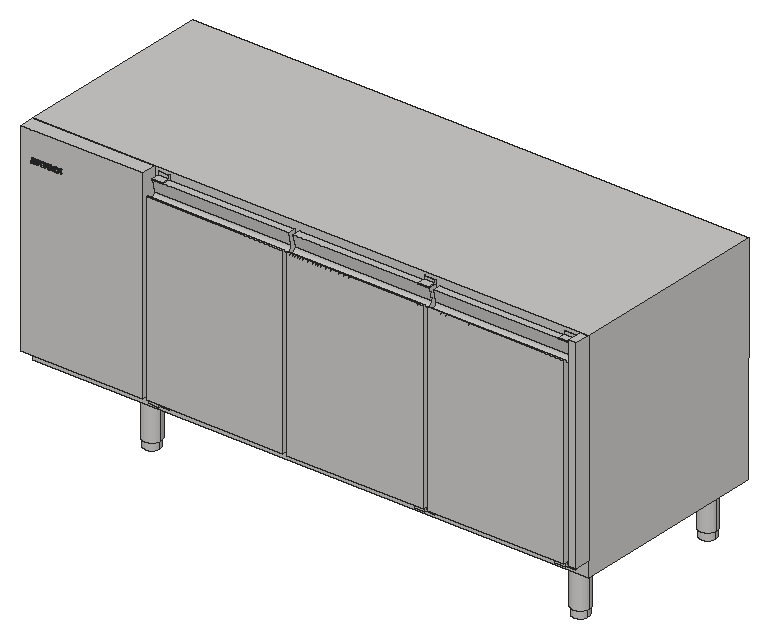
Revit family "QF_ALPENINOX_712199_AK3F7AAA", category Specialty Equipment, Revit 2018
Family settings
  Round Connector Dimension = Use Diameter
  Part Type = Normal
  Work Plane-Based = No
  Always vertical = Yes
  Cut with Voids When Loaded = No
  Shared = No
  Room Calculation Point = No
Parameters
  Weight = 0.00 kg
  Watts = 45.5225 W
  Volts = 220 V
  URL Manufacturer = "http://www.alpeninox.com"
  URL = "http://www.alpeninox.com"
  Steam Supply Size = 0 mm
  Steam Supply Minimum Pressure = 0.0 Pa
  Steam Supply Maximum Pressure = 0.0 Pa
  Steam Pounds per Hour = 0
  Refrigeration Suction Line Size = 0 mm
  Refrigeration Liquid Line Size = 0 mm
  Refrigerant Compressor Remote = yes
  Manufacturer = "Alpeninox"
  Phase = 1
  Model = "AK3F7AAA"
  Length Actual = 1795 mm  # constant formula
  Length = 1795 mm
  Item Number = "712199"
  Hot Water Size = 0 mm
  Height Actual = 850 mm  # constant formula
  Height = 700 mm
  HP = "0.7 HP"
  Gas Size = 0 mm
  Gas KW = 0
  Gas Input Pressure = 0 W
  Depth Actual = 700 mm  # constant formula
  Depth = 695 mm
  Description = "3 DOOR FREEZER TABLE -20C NO TOP"
  Cycle = 50 Hz
  Condensate Return Size = 0 mm
  Compressed Air Volume = 0.0 L/s
  Compressed Air Size = 0 mm
  Compressed Air Pressure = 0.0 Pa
  Cold Water Size = 0 mm
  Accessory = yes
Reference planes
  plane 1: z = 0
  plane 2 "Center (Left/Right)": x = -126.5
  plane 3 "Center (Front/Back)": y = 64.5
  plane 4 "FEET": z = 150
  plane 5 "TOP": z = 900
  plane 6 "PLAIN": z = 850
  plane 7 "EI_back": y = 359
  plane 8 "EI_left": x = -958
  plane 9 "BACK": y = 412
  plane 10 "FRONT": y = -283
  plane 11 "DOOR": y = -233
  plane 12 "LEFT": x = -1024
  plane 13 "RIGHT": x = 771
  plane 14: x = -999
  plane 15: x = 746
Forms (mm)
  Extrusion 1, solid, material "QF_Finishes_Stainless Steel"
    sketch origin (-1022.223, -1524, 150) x (-1, 0, 0) y (0, -1, 0)
      loop
        circle (-64.223, -1883) r 5
    from 0 to -40
  Extrusion 2, solid, material "QF_Finishes_Stainless Steel"
    sketch origin (-1022.223, -1524, 150) x (-1, 0, 0) y (0, -1, 0)
      loop
        line (-1768.223, -1291) -> (-1768.223, -1241) -> (-1793.223, -1241) -> (-1793.223, -1291) -> (-1768.223, -1291)
    from 48 to 700 <- "Height"
  Extrusion 3, solid, material "QF_Finishes_Stainless Steel"
    sketch origin (-1022.223, -1524, 150) x (-1, 0, 0) y (0, -1, 0)
      loop
        line (1.777, -1936) -> (1.777, -1291) -> (-1793.223, -1291) -> (-1793.223, -1936) -> (1.777, -1936)
    from 0 to 700 <- "Height"
Lines and regions (mm)
  symbolic lines, style "SpecialityEquipmentHiddenLines"
    curve 1: line (-1024, 412, 150) -> (771, 412, 150)
    curve 2: line (-1024, -283, 150) -> (-1024, 412, 150)
    curve 3: line (771, -283, 150) -> (-1024, -283, 150)
    curve 4: line (771, 412, 150) -> (771, -283, 150)
    curve 5: line (-1024, -233, 150) -> (771, -233, 150)
    curve 6: line (746, -283, 150) -> (746, -233, 150)
Dimensions and locks
  plane 4 "FEET" to level = 150 mm
  plane 11 "DOOR" to plane 10 "FRONT" = 50 mm
  "Height": plane 6 "PLAIN" to plane 4 "FEET"
  plane 5 "TOP" to plane 6 "PLAIN" = 50 mm
  plane 12 "LEFT" to plane 14 = 25 mm
  plane 15 to plane 13 "RIGHT" = 25 mm
  plane 9 "BACK" to plane 7 "EI_back" = 53 mm
  plane 12 "LEFT" to plane 8 "EI_left" = 66 mm
  "Length": plane 12 "LEFT" to plane 13 "RIGHT"
  equal spacing: plane 12 "LEFT", plane 2 "Center (Left/Right)", plane 13 "RIGHT"
  "Depth": plane 9 "BACK" to plane 10 "FRONT"
  equal spacing: plane 9 "BACK", plane 3 "Center (Front/Back)", plane 10 "FRONT"
  aligned and locked: level to plane 1
Automatic sketch dimensions
  Extrusion 1 sketch curve to plane 7 "EI_back" = 0 mm
  Extrusion 1 sketch curve to plane 8 "EI_left" = 0 mm
  Extrusion 2 sketch curve to plane 11 "DOOR" = 0 mm
  Extrusion 2 sketch curve to plane 13 "RIGHT" = 0 mm
  Extrusion 2 sketch curve to plane 10 "FRONT" = 0 mm
  Extrusion 2 sketch curve to plane 15 = 0 mm
  Extrusion 3 sketch curve to plane 9 "BACK" = 0 mm
  Extrusion 3 sketch curve to plane 13 "RIGHT" = 0 mm
  Extrusion 3 sketch curve to plane 11 "DOOR" = 0 mm
  Extrusion 3 sketch curve to plane 12 "LEFT" = 0 mm
  curve 1 to plane 13 "RIGHT" = 0 mm
  curve 6 to plane 10 "FRONT" = 0 mm
  curve 6 to plane 15 = 0 mm
  curve 5 to plane 12 "LEFT" = 0 mm
  curve 6 to plane 11 "DOOR" = 0 mm
  curve 1 to plane 9 "BACK" = 0 mm
  radius of Extrusion 1 sketch curve = 5 mm
Nested families
  nested 1: "Freezer" at (771, -283, 0), type "Freezer"
  nested 2: "FEET" at (-679, 331, 0), type "FEET"
  nested 3: "FEET" at (705, 331, 0), type "FEET"
  nested 4: "FEET" at (-679, -183, 0), type "FEET"
  nested 5: "FEET" at (705, -183, 0), type "FEET"
  nested 6: "APX_BI_BT_L" at (-817.08, -233, 598) x (1, 0, 0) z (0, -1, 0), type "APX_BI_BT_L"
    with Show Logo yes
  nested 7: "APX_SD_L" at (-396, -233, 512) x (1, 0, 0) z (0, -1, 0), type "APX_SD_L"
    with Show Clearance yes
  nested 8: "APX_SD_R" at (58, -233, 512) x (1, 0, 0) z (0, -1, 0), type "APX_SD_R"
    with Show Clearance yes
  nested 9: "APX_SD_R" at (512, -233, 512) x (1, 0, 0) z (0, -1, 0), type "APX_SD_R"
    with Show Clearance yes
Connectors
  electrical at (-958, 359, 110), driven by "Volts"
    settings: on Extrusion 1, index 1, voltage 220 V, apparent load 0 VA, apparent load phase1 0 VA, apparent load phase2 0 VA, apparent load phase3 0 VA, power factor 1, load classification "Other", number of poles 1, system type 31, power factor state 1, is connector primary yes, connector utility no, sub classification motor no, connector description "Electrical Connection"
Definition of nested family "FEET"
  Parameters
    FEET = 150 mm
  Reference planes
    plane 1 "Center (Front/Back)": y = 0
    plane 2: z = 0
    plane 3 "Center (Left/Right)": x = 0
    plane 4: z = 150
  Forms (mm)
    Revolve 1, solid
      sketch origin (255.05, 0, 608.09) x (0, 0, 1) y (-1, 0, 0)
        loop
          line (-608.09, 255.05) -> (-608.09, 230.05) -> (-583.09, 230.05) -> (-583.09, 226.05) -> (-458.09, 226.05) -> (-458.09, 255.05) -> (-608.09, 255.05)
        axis (-608.09, 255.05) -> (-458.09, 255.05)
      angle from 0 to 360
  Dimensions and locks
    locked: Revolve 1 sketch curve to Revolve 1 sketch curve at 125
    "FEET": plane 4 to plane 2
    aligned and locked: level to plane 2
    aligned and locked: plane 4 to Revolve 1 sketch curve
    aligned and locked: Revolve 1 sketch curve to level
    aligned and locked: plane 3 "Center (Left/Right)" to Revolve 1 sketch curve
  Automatic sketch dimensions
    Revolve 1 sketch curve to plane 3 "Center (Left/Right)" = 0 mm
    Revolve 1 sketch curve to Revolve 1 sketch curve = 25 mm
    Revolve 1 sketch curve to Revolve 1 sketch curve = 29 mm
    plane 4 to Revolve 1 sketch curve = 50 mm
    Revolve 1 sketch curve to Revolve 1 sketch curve = 20 mm
Definition of nested family "APX_BI_BT_L"
  Parameters
    Show Logo [instance] = yes
    Default Elevation = 1219.2 mm
  Reference planes
    plane 1 "Center (Front/Back)": y = -74
    plane 2: z = 0
    plane 3 "Center (Left/Right)": x = -9.92
    plane 4: x = -206.92
    plane 5: x = 187.08
    plane 6: y = 252
    plane 7: y = -400
  Forms (mm)
    Extrusion 1, solid
      sketch origin (0, 0, 0) x (1, 0, 0) y (0, 1, 0)
        loop
          line (-1219.2, 1219.2) -> (-1219.2, -1219.2) -> (1219.2, -1219.2) -> (1219.2, 1219.2) -> (-1219.2, 1219.2)
      from 0 to -304.8
    Extrusion 2, solid
      sketch origin (0, 0, 0) x (1, 0, 0) y (0, 1, 0)
        loop
          line (-206.92, 252) -> (-206.92, -400) -> (187.08, -400) -> (187.08, 252) -> (-206.92, 252)
      from 0 to 50
    Extrusion 3, solid, not visible
      sketch origin (0, 0, 0) x (1, 0, 0) y (0, 1, 0)
        loop
          line (-206.92, 252) -> (-206.92, -400) -> (87.08, -400) -> (87.08, 252) -> (-206.92, 252)
      from 0 to 50
    Extrusion 4, solid
      sketch origin (0, -0.336, 0) x (1, 0, 0) y (0, 1, 0)
        loop
          line (-168.675, 170.349) -> (-172.411, 160.318)
          arc (-172.411, 160.318) -> (-171.624, 158.497) -> (-169.837, 159.36) r 1.374
          line (-169.837, 159.36) -> (-169.268, 161.111) -> (-164.1, 161.111) -> (-163.54, 159.379)
          arc (-163.54, 159.379) -> (-161.802, 158.542) -> (-161.049, 160.318) r 1.333
          line (-161.049, 160.318) -> (-164.694, 170.349)
          arc (-164.694, 170.349) -> (-166.685, 171.876) -> (-168.675, 170.349) r 2.06
        loop
          line (-166.681, 169.055) -> (-168.469, 163.655) -> (-164.935, 163.655) -> (-166.681, 169.055)
        loop
          arc (-159.705, 160.042) -> (-159.262, 158.973) -> (-158.194, 158.531) r 1.512
          line (-158.194, 158.531) -> (-153.608, 158.531)
          arc (-153.608, 158.531) -> (-152.337, 159.802) -> (-153.608, 161.074) r 1.272
          line (-153.608, 161.074) -> (-156.917, 161.074) -> (-156.917, 170.328)
          arc (-156.917, 170.328) -> (-158.311, 171.722) -> (-159.705, 170.328) r 1.394
          line (-159.705, 170.328) -> (-159.705, 160.042)
        loop
          line (-151.076, 170.218) -> (-151.076, 159.859)
          arc (-151.076, 159.859) -> (-149.683, 158.466) -> (-148.29, 159.859) r 1.393
          line (-148.29, 159.859) -> (-148.29, 162.882) -> (-146.225, 162.882)
          arc (-146.225, 162.882) -> (-142.999, 163.859) -> (-141.608, 166.928) r 4.082
          arc (-141.608, 166.928) -> (-142.993, 170.272) -> (-146.336, 171.657) r 4.728
          line (-146.336, 171.657) -> (-149.638, 171.657)
          arc (-149.638, 171.657) -> (-150.655, 171.235) -> (-151.076, 170.218) r 1.439
        loop
          line (-148.29, 165.313) -> (-146.388, 165.313)
          arc (-146.388, 165.313) -> (-144.433, 167.268) -> (-146.388, 169.222) r 1.955
          line (-146.388, 169.222) -> (-148.29, 169.222) -> (-148.29, 165.313)
        loop
          arc (-131.184, 166.332) -> (-132.004, 168.2) -> (-133.767, 169.228) r 3.3
          arc (-133.767, 169.228) -> (-136.353, 168.661) -> (-137.611, 166.332) r 3.176
          line (-137.611, 166.332) -> (-131.184, 166.332)
        loop
          line (-137.538, 163.743) -> (-130.544, 163.743)
          arc (-130.544, 163.743) -> (-129.292, 163.916) -> (-128.301, 164.701) r 2.4
          arc (-128.301, 164.701) -> (-128.155, 165.545) -> (-128.212, 166.399) r 3.635
          arc (-128.212, 166.399) -> (-130.364, 170.162) -> (-134.39, 171.769) r 6.579
          arc (-134.39, 171.769) -> (-138.918, 169.706) -> (-140.661, 165.044) r 6.501
          arc (-140.661, 165.044) -> (-139.276, 160.789) -> (-135.401, 158.549) r 6.252
          arc (-135.401, 158.549) -> (-132.922, 158.526) -> (-130.544, 159.232) r 8.361
          arc (-130.544, 159.232) -> (-129.466, 159.781) -> (-128.641, 160.666) r 3.486
          arc (-128.641, 160.666) -> (-128.419, 161.592) -> (-128.828, 162.451) r 1.425
          arc (-128.828, 162.451) -> (-129.368, 162.762) -> (-129.99, 162.762) r 1.203
          arc (-129.99, 162.762) -> (-130.406, 162.59) -> (-130.764, 162.316) r 1.724
          arc (-130.764, 162.316) -> (-131.666, 161.705) -> (-132.646, 161.229) r 7.6
          arc (-132.646, 161.229) -> (-135.676, 161.35) -> (-137.538, 163.743) r 3.6
        loop
          line (-126.669, 170.328) -> (-126.669, 159.859)
          arc (-126.669, 159.859) -> (-125.273, 158.463) -> (-123.878, 159.859) r 1.396
          line (-123.878, 159.859) -> (-123.878, 166.785) -> (-117.946, 159.029)
          arc (-117.946, 159.029) -> (-116.361, 158.51) -> (-115.379, 159.859) r 1.417
          line (-115.379, 159.859) -> (-115.379, 170.328)
          arc (-115.379, 170.328) -> (-116.774, 171.723) -> (-118.169, 170.328) r 1.395
          line (-118.169, 170.328) -> (-118.169, 163.311) -> (-124.101, 171.157)
          arc (-124.101, 171.157) -> (-125.687, 171.678) -> (-126.669, 170.328) r 1.418
        loop
          arc (-113.636, 159.859) -> (-112.241, 158.464) -> (-110.847, 159.859) r 1.394
          line (-110.847, 159.859) -> (-110.847, 170.328)
          arc (-110.847, 170.328) -> (-112.241, 171.723) -> (-113.636, 170.328) r 1.394
          line (-113.636, 170.328) -> (-113.636, 159.859)
        loop
          line (-109.102, 170.328) -> (-109.102, 159.859)
          arc (-109.102, 159.859) -> (-107.706, 158.463) -> (-106.31, 159.859) r 1.396
          line (-106.31, 159.859) -> (-106.31, 166.785) -> (-100.378, 159.029)
          arc (-100.378, 159.029) -> (-98.793, 158.51) -> (-97.812, 159.859) r 1.417
          line (-97.812, 159.859) -> (-97.812, 170.328)
          arc (-97.812, 170.328) -> (-99.207, 171.723) -> (-100.602, 170.328) r 1.395
          line (-100.602, 170.328) -> (-100.602, 163.311) -> (-106.533, 171.157)
          arc (-106.533, 171.157) -> (-108.119, 171.678) -> (-109.102, 170.328) r 1.418
        loop
          arc (-96.345, 165.093) -> (-95.619, 161.877) -> (-93.467, 159.379) r 6.806
          arc (-93.467, 159.379) -> (-91.792, 158.566) -> (-89.948, 158.31) r 5.956
          arc (-89.948, 158.31) -> (-88.104, 158.566) -> (-86.43, 159.379) r 5.956
          arc (-86.43, 159.379) -> (-84.277, 161.877) -> (-83.551, 165.093) r 6.806
          arc (-83.551, 165.093) -> (-84.277, 168.31) -> (-86.43, 170.808) r 6.806
          arc (-86.43, 170.808) -> (-88.104, 171.621) -> (-89.948, 171.877) r 5.956
          arc (-89.948, 171.877) -> (-91.792, 171.621) -> (-93.467, 170.808) r 5.956
          arc (-93.467, 170.808) -> (-95.619, 168.31) -> (-96.345, 165.093) r 6.806
        loop
          arc (-93.425, 165.093) -> (-93.138, 163.212) -> (-92.081, 161.629) r 4.387
          arc (-92.081, 161.629) -> (-91.087, 161.049) -> (-89.948, 160.881) r 3.035
          arc (-89.948, 160.881) -> (-88.809, 161.049) -> (-87.815, 161.629) r 3.035
          arc (-87.815, 161.629) -> (-86.759, 163.212) -> (-86.472, 165.093) r 4.387
          arc (-86.472, 165.093) -> (-86.759, 166.975) -> (-87.815, 168.558) r 4.387
          arc (-87.815, 168.558) -> (-88.809, 169.138) -> (-89.948, 169.306) r 3.035
          arc (-89.948, 169.306) -> (-91.087, 169.138) -> (-92.081, 168.558) r 3.035
          arc (-92.081, 168.558) -> (-93.138, 166.975) -> (-93.425, 165.093) r 4.387
        loop
          line (-83.139, 169.609) -> (-80.126, 165.552) -> (-83.81, 160.652)
          arc (-83.81, 160.652) -> (-83.512, 158.692) -> (-81.559, 159.029) r 1.388
          line (-81.559, 159.029) -> (-78.51, 163.232) -> (-75.461, 159.029)
          arc (-75.461, 159.029) -> (-73.507, 158.692) -> (-73.21, 160.652) r 1.388
          line (-73.21, 160.652) -> (-76.894, 165.552) -> (-73.881, 169.609)
          arc (-73.881, 169.609) -> (-74.249, 171.597) -> (-76.205, 171.084) r 1.38
          line (-76.205, 171.084) -> (-78.51, 167.841) -> (-80.815, 171.084)
          arc (-80.815, 171.084) -> (-82.771, 171.597) -> (-83.139, 169.609) r 1.38
      from 50 to 51.6
  Lines and regions (mm)
    Split face 1
      outline origin (-138, 0, 50) x (1, 0, 0) y (0, 1, 0)
        loop
          line (94.58, 177) -> (94.58, 154) -> (164.58, 154) -> (164.58, 177) -> (94.58, 177)
    Split face 2
      outline origin (-138, 0, 50) x (1, 0, 0) y (0, 1, 0)
        loop
          line (144.58, 174) -> (144.58, 157) -> (161.58, 157) -> (161.58, 174) -> (144.58, 174)
    Split face 3
      outline origin (0, 0, 50) x (1, 0, 0) y (0, 1, 0)
        loop
          line (-206.92, 188) -> (187.08, 188)
    Split face 4
      outline origin (-5, 0, 50) x (1, 0, 0) y (0, 1, 0)
        loop
          arc (-163.464, 131.824) -> (-167.464, 127.824) -> (-163.464, 123.824) r 4
          line (-163.464, 123.824) -> (-121.464, 123.824)
          arc (-121.464, 123.824) -> (-117.464, 127.824) -> (-121.464, 131.824) r 4
          line (-121.464, 131.824) -> (-163.464, 131.824)
    Split face 5
      outline origin (325, 0, 50) x (1, 0, 0) y (0, 1, 0)
        loop
          arc (-328.464, 131.824) -> (-332.464, 127.824) -> (-328.464, 123.824) r 4
          line (-328.464, 123.824) -> (-286.464, 123.824)
          arc (-286.464, 123.824) -> (-282.464, 127.824) -> (-286.464, 131.824) r 4
          line (-286.464, 131.824) -> (-328.464, 131.824)
    Split face 6
      outline origin (105, 0, 50) x (1, 0, 0) y (0, 1, 0)
        loop
          arc (-218.464, 131.824) -> (-222.464, 127.824) -> (-218.464, 123.824) r 4
          line (-218.464, 123.824) -> (-176.464, 123.824)
          arc (-176.464, 123.824) -> (-172.464, 127.824) -> (-176.464, 131.824) r 4
          line (-176.464, 131.824) -> (-218.464, 131.824)
    Split face 7
      outline origin (215, 0, 50) x (1, 0, 0) y (0, 1, 0)
        loop
          arc (-273.464, 131.824) -> (-277.464, 127.824) -> (-273.464, 123.824) r 4
          line (-273.464, 123.824) -> (-231.464, 123.824)
          arc (-231.464, 123.824) -> (-227.464, 127.824) -> (-231.464, 131.824) r 4
          line (-231.464, 131.824) -> (-273.464, 131.824)
    Split face 8, not visible
      outline origin (0, 0, 50) x (1, 0, 0) y (0, 1, 0)
        loop
          arc (-163.464, 131.824) -> (-167.464, 127.824) -> (-163.464, 123.824) r 4
          line (-163.464, 123.824) -> (-121.464, 123.824)
          arc (-121.464, 123.824) -> (-117.464, 127.824) -> (-121.464, 131.824) r 4
          line (-121.464, 131.824) -> (-163.464, 131.824)
    Split face 9
      outline origin (-5, -24, 50) x (1, 0, 0) y (0, 1, 0)
        loop
          arc (-163.464, 143.824) -> (-167.464, 139.824) -> (-163.464, 135.824) r 4
          line (-163.464, 135.824) -> (-121.464, 135.824)
          arc (-121.464, 135.824) -> (-117.464, 139.824) -> (-121.464, 143.824) r 4
          line (-121.464, 143.824) -> (-163.464, 143.824)
    Split face 10
      outline origin (325, -24, 50) x (1, 0, 0) y (0, 1, 0)
        loop
          arc (-328.464, 143.824) -> (-332.464, 139.824) -> (-328.464, 135.824) r 4
          line (-328.464, 135.824) -> (-286.464, 135.824)
          arc (-286.464, 135.824) -> (-282.464, 139.824) -> (-286.464, 143.824) r 4
          line (-286.464, 143.824) -> (-328.464, 143.824)
    Split face 11
      outline origin (105, -24, 50) x (1, 0, 0) y (0, 1, 0)
        loop
          arc (-218.464, 143.824) -> (-222.464, 139.824) -> (-218.464, 135.824) r 4
          line (-218.464, 135.824) -> (-176.464, 135.824)
          arc (-176.464, 135.824) -> (-172.464, 139.824) -> (-176.464, 143.824) r 4
          line (-176.464, 143.824) -> (-218.464, 143.824)
    Split face 12
      outline origin (215, -24, 50) x (1, 0, 0) y (0, 1, 0)
        loop
          arc (-273.464, 143.824) -> (-277.464, 139.824) -> (-273.464, 135.824) r 4
          line (-273.464, 135.824) -> (-231.464, 135.824)
          arc (-231.464, 135.824) -> (-227.464, 139.824) -> (-231.464, 143.824) r 4
          line (-231.464, 143.824) -> (-273.464, 143.824)
    Split face 13
      outline origin (-5, -48, 50) x (1, 0, 0) y (0, 1, 0)
        loop
          arc (-163.464, 155.824) -> (-167.464, 151.824) -> (-163.464, 147.824) r 4
          line (-163.464, 147.824) -> (-121.464, 147.824)
          arc (-121.464, 147.824) -> (-117.464, 151.824) -> (-121.464, 155.824) r 4
          line (-121.464, 155.824) -> (-163.464, 155.824)
    Split face 14
      outline origin (325, -48, 50) x (1, 0, 0) y (0, 1, 0)
        loop
          arc (-328.464, 155.824) -> (-332.464, 151.824) -> (-328.464, 147.824) r 4
          line (-328.464, 147.824) -> (-286.464, 147.824)
          arc (-286.464, 147.824) -> (-282.464, 151.824) -> (-286.464, 155.824) r 4
          line (-286.464, 155.824) -> (-328.464, 155.824)
    Split face 15
      outline origin (105, -48, 50) x (1, 0, 0) y (0, 1, 0)
        loop
          arc (-218.464, 155.824) -> (-222.464, 151.824) -> (-218.464, 147.824) r 4
          line (-218.464, 147.824) -> (-176.464, 147.824)
          arc (-176.464, 147.824) -> (-172.464, 151.824) -> (-176.464, 155.824) r 4
          line (-176.464, 155.824) -> (-218.464, 155.824)
    Split face 16
      outline origin (215, -48, 50) x (1, 0, 0) y (0, 1, 0)
        loop
          arc (-273.464, 155.824) -> (-277.464, 151.824) -> (-273.464, 147.824) r 4
          line (-273.464, 147.824) -> (-231.464, 147.824)
          arc (-231.464, 147.824) -> (-227.464, 151.824) -> (-231.464, 155.824) r 4
          line (-231.464, 155.824) -> (-273.464, 155.824)
    Split face 17
      outline origin (-5, -72, 50) x (1, 0, 0) y (0, 1, 0)
        loop
          arc (-163.464, 167.824) -> (-167.464, 163.824) -> (-163.464, 159.824) r 4
          line (-163.464, 159.824) -> (-121.464, 159.824)
          arc (-121.464, 159.824) -> (-117.464, 163.824) -> (-121.464, 167.824) r 4
          line (-121.464, 167.824) -> (-163.464, 167.824)
    Split face 18
      outline origin (325, -72, 50) x (1, 0, 0) y (0, 1, 0)
        loop
          arc (-328.464, 167.824) -> (-332.464, 163.824) -> (-328.464, 159.824) r 4
          line (-328.464, 159.824) -> (-286.464, 159.824)
          arc (-286.464, 159.824) -> (-282.464, 163.824) -> (-286.464, 167.824) r 4
          line (-286.464, 167.824) -> (-328.464, 167.824)
    Split face 19
      outline origin (105, -72, 50) x (1, 0, 0) y (0, 1, 0)
        loop
          arc (-218.464, 167.824) -> (-222.464, 163.824) -> (-218.464, 159.824) r 4
          line (-218.464, 159.824) -> (-176.464, 159.824)
          arc (-176.464, 159.824) -> (-172.464, 163.824) -> (-176.464, 167.824) r 4
          line (-176.464, 167.824) -> (-218.464, 167.824)
    Split face 20
      outline origin (215, -72, 50) x (1, 0, 0) y (0, 1, 0)
        loop
          arc (-273.464, 167.824) -> (-277.464, 163.824) -> (-273.464, 159.824) r 4
          line (-273.464, 159.824) -> (-231.464, 159.824)
          arc (-231.464, 159.824) -> (-227.464, 163.824) -> (-231.464, 167.824) r 4
          line (-231.464, 167.824) -> (-273.464, 167.824)
    Split face 21
      outline origin (-5, -96, 50) x (1, 0, 0) y (0, 1, 0)
        loop
          arc (-163.464, 179.824) -> (-167.464, 175.824) -> (-163.464, 171.824) r 4
          line (-163.464, 171.824) -> (-121.464, 171.824)
          arc (-121.464, 171.824) -> (-117.464, 175.824) -> (-121.464, 179.824) r 4
          line (-121.464, 179.824) -> (-163.464, 179.824)
    Split face 22
      outline origin (325, -96, 50) x (1, 0, 0) y (0, 1, 0)
        loop
          arc (-328.464, 179.824) -> (-332.464, 175.824) -> (-328.464, 171.824) r 4
          line (-328.464, 171.824) -> (-286.464, 171.824)
          arc (-286.464, 171.824) -> (-282.464, 175.824) -> (-286.464, 179.824) r 4
          line (-286.464, 179.824) -> (-328.464, 179.824)
    Split face 23
      outline origin (105, -96, 50) x (1, 0, 0) y (0, 1, 0)
        loop
          arc (-218.464, 179.824) -> (-222.464, 175.824) -> (-218.464, 171.824) r 4
          line (-218.464, 171.824) -> (-176.464, 171.824)
          arc (-176.464, 171.824) -> (-172.464, 175.824) -> (-176.464, 179.824) r 4
          line (-176.464, 179.824) -> (-218.464, 179.824)
    Split face 24
      outline origin (215, -96, 50) x (1, 0, 0) y (0, 1, 0)
        loop
          arc (-273.464, 179.824) -> (-277.464, 175.824) -> (-273.464, 171.824) r 4
          line (-273.464, 171.824) -> (-231.464, 171.824)
          arc (-231.464, 171.824) -> (-227.464, 175.824) -> (-231.464, 179.824) r 4
          line (-231.464, 179.824) -> (-273.464, 179.824)
    Split face 25
      outline origin (-5, -120, 50) x (1, 0, 0) y (0, 1, 0)
        loop
          arc (-163.464, 191.824) -> (-167.464, 187.824) -> (-163.464, 183.824) r 4
          line (-163.464, 183.824) -> (-121.464, 183.824)
          arc (-121.464, 183.824) -> (-117.464, 187.824) -> (-121.464, 191.824) r 4
          line (-121.464, 191.824) -> (-163.464, 191.824)
    Split face 26
      outline origin (325, -120, 50) x (1, 0, 0) y (0, 1, 0)
        loop
          arc (-328.464, 191.824) -> (-332.464, 187.824) -> (-328.464, 183.824) r 4
          line (-328.464, 183.824) -> (-286.464, 183.824)
          arc (-286.464, 183.824) -> (-282.464, 187.824) -> (-286.464, 191.824) r 4
          line (-286.464, 191.824) -> (-328.464, 191.824)
    Split face 27
      outline origin (105, -120, 50) x (1, 0, 0) y (0, 1, 0)
        loop
          arc (-218.464, 191.824) -> (-222.464, 187.824) -> (-218.464, 183.824) r 4
          line (-218.464, 183.824) -> (-176.464, 183.824)
          arc (-176.464, 183.824) -> (-172.464, 187.824) -> (-176.464, 191.824) r 4
          line (-176.464, 191.824) -> (-218.464, 191.824)
    Split face 28
      outline origin (215, -120, 50) x (1, 0, 0) y (0, 1, 0)
        loop
          arc (-273.464, 191.824) -> (-277.464, 187.824) -> (-273.464, 183.824) r 4
          line (-273.464, 183.824) -> (-231.464, 183.824)
          arc (-231.464, 183.824) -> (-227.464, 187.824) -> (-231.464, 191.824) r 4
          line (-231.464, 191.824) -> (-273.464, 191.824)
    Split face 29
      outline origin (-5, -144, 50) x (1, 0, 0) y (0, 1, 0)
        loop
          arc (-163.464, 203.824) -> (-167.464, 199.824) -> (-163.464, 195.824) r 4
          line (-163.464, 195.824) -> (-121.464, 195.824)
          arc (-121.464, 195.824) -> (-117.464, 199.824) -> (-121.464, 203.824) r 4
          line (-121.464, 203.824) -> (-163.464, 203.824)
    Split face 30
      outline origin (325, -144, 50) x (1, 0, 0) y (0, 1, 0)
        loop
          arc (-328.464, 203.824) -> (-332.464, 199.824) -> (-328.464, 195.824) r 4
          line (-328.464, 195.824) -> (-286.464, 195.824)
          arc (-286.464, 195.824) -> (-282.464, 199.824) -> (-286.464, 203.824) r 4
          line (-286.464, 203.824) -> (-328.464, 203.824)
    Split face 31
      outline origin (105, -144, 50) x (1, 0, 0) y (0, 1, 0)
        loop
          arc (-218.464, 203.824) -> (-222.464, 199.824) -> (-218.464, 195.824) r 4
          line (-218.464, 195.824) -> (-176.464, 195.824)
          arc (-176.464, 195.824) -> (-172.464, 199.824) -> (-176.464, 203.824) r 4
          line (-176.464, 203.824) -> (-218.464, 203.824)
    Split face 32
      outline origin (215, -144, 50) x (1, 0, 0) y (0, 1, 0)
        loop
          arc (-273.464, 203.824) -> (-277.464, 199.824) -> (-273.464, 195.824) r 4
          line (-273.464, 195.824) -> (-231.464, 195.824)
          arc (-231.464, 195.824) -> (-227.464, 199.824) -> (-231.464, 203.824) r 4
          line (-231.464, 203.824) -> (-273.464, 203.824)
    Split face 33
      outline origin (-5, -168, 50) x (1, 0, 0) y (0, 1, 0)
        loop
          arc (-163.464, 215.824) -> (-167.464, 211.824) -> (-163.464, 207.824) r 4
          line (-163.464, 207.824) -> (-121.464, 207.824)
          arc (-121.464, 207.824) -> (-117.464, 211.824) -> (-121.464, 215.824) r 4
          line (-121.464, 215.824) -> (-163.464, 215.824)
    Split face 34
      outline origin (325, -168, 50) x (1, 0, 0) y (0, 1, 0)
        loop
          arc (-328.464, 215.824) -> (-332.464, 211.824) -> (-328.464, 207.824) r 4
          line (-328.464, 207.824) -> (-286.464, 207.824)
          arc (-286.464, 207.824) -> (-282.464, 211.824) -> (-286.464, 215.824) r 4
          line (-286.464, 215.824) -> (-328.464, 215.824)
    Split face 35
      outline origin (105, -168, 50) x (1, 0, 0) y (0, 1, 0)
        loop
          arc (-218.464, 215.824) -> (-222.464, 211.824) -> (-218.464, 207.824) r 4
          line (-218.464, 207.824) -> (-176.464, 207.824)
          arc (-176.464, 207.824) -> (-172.464, 211.824) -> (-176.464, 215.824) r 4
          line (-176.464, 215.824) -> (-218.464, 215.824)
    Split face 36
      outline origin (215, -168, 50) x (1, 0, 0) y (0, 1, 0)
        loop
          arc (-273.464, 215.824) -> (-277.464, 211.824) -> (-273.464, 207.824) r 4
          line (-273.464, 207.824) -> (-231.464, 207.824)
          arc (-231.464, 207.824) -> (-227.464, 211.824) -> (-231.464, 215.824) r 4
          line (-231.464, 215.824) -> (-273.464, 215.824)
    Split face 37
      outline origin (-5, -192, 50) x (1, 0, 0) y (0, 1, 0)
        loop
          arc (-163.464, 227.824) -> (-167.464, 223.824) -> (-163.464, 219.824) r 4
          line (-163.464, 219.824) -> (-121.464, 219.824)
          arc (-121.464, 219.824) -> (-117.464, 223.824) -> (-121.464, 227.824) r 4
          line (-121.464, 227.824) -> (-163.464, 227.824)
    Split face 38
      outline origin (325, -192, 50) x (1, 0, 0) y (0, 1, 0)
        loop
          arc (-328.464, 227.824) -> (-332.464, 223.824) -> (-328.464, 219.824) r 4
          line (-328.464, 219.824) -> (-286.464, 219.824)
          arc (-286.464, 219.824) -> (-282.464, 223.824) -> (-286.464, 227.824) r 4
          line (-286.464, 227.824) -> (-328.464, 227.824)
    Split face 39
      outline origin (105, -192, 50) x (1, 0, 0) y (0, 1, 0)
        loop
          arc (-218.464, 227.824) -> (-222.464, 223.824) -> (-218.464, 219.824) r 4
          line (-218.464, 219.824) -> (-176.464, 219.824)
          arc (-176.464, 219.824) -> (-172.464, 223.824) -> (-176.464, 227.824) r 4
          line (-176.464, 227.824) -> (-218.464, 227.824)
    Split face 40
      outline origin (215, -192, 50) x (1, 0, 0) y (0, 1, 0)
        loop
          arc (-273.464, 227.824) -> (-277.464, 223.824) -> (-273.464, 219.824) r 4
          line (-273.464, 219.824) -> (-231.464, 219.824)
          arc (-231.464, 219.824) -> (-227.464, 223.824) -> (-231.464, 227.824) r 4
          line (-231.464, 227.824) -> (-273.464, 227.824)
    Split face 41
      outline origin (-5, -216, 50) x (1, 0, 0) y (0, 1, 0)
        loop
          arc (-163.464, 239.824) -> (-167.464, 235.824) -> (-163.464, 231.824) r 4
          line (-163.464, 231.824) -> (-121.464, 231.824)
          arc (-121.464, 231.824) -> (-117.464, 235.824) -> (-121.464, 239.824) r 4
          line (-121.464, 239.824) -> (-163.464, 239.824)
    Split face 42
      outline origin (325, -216, 50) x (1, 0, 0) y (0, 1, 0)
        loop
          arc (-328.464, 239.824) -> (-332.464, 235.824) -> (-328.464, 231.824) r 4
          line (-328.464, 231.824) -> (-286.464, 231.824)
          arc (-286.464, 231.824) -> (-282.464, 235.824) -> (-286.464, 239.824) r 4
          line (-286.464, 239.824) -> (-328.464, 239.824)
    Split face 43
      outline origin (105, -216, 50) x (1, 0, 0) y (0, 1, 0)
        loop
          arc (-218.464, 239.824) -> (-222.464, 235.824) -> (-218.464, 231.824) r 4
          line (-218.464, 231.824) -> (-176.464, 231.824)
          arc (-176.464, 231.824) -> (-172.464, 235.824) -> (-176.464, 239.824) r 4
          line (-176.464, 239.824) -> (-218.464, 239.824)
    Split face 44
      outline origin (215, -216, 50) x (1, 0, 0) y (0, 1, 0)
        loop
          arc (-273.464, 239.824) -> (-277.464, 235.824) -> (-273.464, 231.824) r 4
          line (-273.464, 231.824) -> (-231.464, 231.824)
          arc (-231.464, 231.824) -> (-227.464, 235.824) -> (-231.464, 239.824) r 4
          line (-231.464, 239.824) -> (-273.464, 239.824)
    Split face 45
      outline origin (-5, -240, 50) x (1, 0, 0) y (0, 1, 0)
        loop
          arc (-163.464, 251.824) -> (-167.464, 247.824) -> (-163.464, 243.824) r 4
          line (-163.464, 243.824) -> (-121.464, 243.824)
          arc (-121.464, 243.824) -> (-117.464, 247.824) -> (-121.464, 251.824) r 4
          line (-121.464, 251.824) -> (-163.464, 251.824)
    Split face 46
      outline origin (325, -240, 50) x (1, 0, 0) y (0, 1, 0)
        loop
          arc (-328.464, 251.824) -> (-332.464, 247.824) -> (-328.464, 243.824) r 4
          line (-328.464, 243.824) -> (-286.464, 243.824)
          arc (-286.464, 243.824) -> (-282.464, 247.824) -> (-286.464, 251.824) r 4
          line (-286.464, 251.824) -> (-328.464, 251.824)
    Split face 47
      outline origin (105, -240, 50) x (1, 0, 0) y (0, 1, 0)
        loop
          arc (-218.464, 251.824) -> (-222.464, 247.824) -> (-218.464, 243.824) r 4
          line (-218.464, 243.824) -> (-176.464, 243.824)
          arc (-176.464, 243.824) -> (-172.464, 247.824) -> (-176.464, 251.824) r 4
          line (-176.464, 251.824) -> (-218.464, 251.824)
    Split face 48
      outline origin (215, -240, 50) x (1, 0, 0) y (0, 1, 0)
        loop
          arc (-273.464, 251.824) -> (-277.464, 247.824) -> (-273.464, 243.824) r 4
          line (-273.464, 243.824) -> (-231.464, 243.824)
          arc (-231.464, 243.824) -> (-227.464, 247.824) -> (-231.464, 251.824) r 4
          line (-231.464, 251.824) -> (-273.464, 251.824)
    Split face 49
      outline origin (-5, -264, 50) x (1, 0, 0) y (0, 1, 0)
        loop
          arc (-163.464, 263.824) -> (-167.464, 259.824) -> (-163.464, 255.824) r 4
          line (-163.464, 255.824) -> (-121.464, 255.824)
          arc (-121.464, 255.824) -> (-117.464, 259.824) -> (-121.464, 263.824) r 4
          line (-121.464, 263.824) -> (-163.464, 263.824)
    Split face 50
      outline origin (325, -264, 50) x (1, 0, 0) y (0, 1, 0)
        loop
          arc (-328.464, 263.824) -> (-332.464, 259.824) -> (-328.464, 255.824) r 4
          line (-328.464, 255.824) -> (-286.464, 255.824)
          arc (-286.464, 255.824) -> (-282.464, 259.824) -> (-286.464, 263.824) r 4
          line (-286.464, 263.824) -> (-328.464, 263.824)
    Split face 51
      outline origin (105, -264, 50) x (1, 0, 0) y (0, 1, 0)
        loop
          arc (-218.464, 263.824) -> (-222.464, 259.824) -> (-218.464, 255.824) r 4
          line (-218.464, 255.824) -> (-176.464, 255.824)
          arc (-176.464, 255.824) -> (-172.464, 259.824) -> (-176.464, 263.824) r 4
          line (-176.464, 263.824) -> (-218.464, 263.824)
    Split face 52
      outline origin (215, -264, 50) x (1, 0, 0) y (0, 1, 0)
        loop
          arc (-273.464, 263.824) -> (-277.464, 259.824) -> (-273.464, 255.824) r 4
          line (-273.464, 255.824) -> (-231.464, 255.824)
          arc (-231.464, 255.824) -> (-227.464, 259.824) -> (-231.464, 263.824) r 4
          line (-231.464, 263.824) -> (-273.464, 263.824)
    Split face 53
      outline origin (-5, -288, 50) x (1, 0, 0) y (0, 1, 0)
        loop
          arc (-163.464, 275.824) -> (-167.464, 271.824) -> (-163.464, 267.824) r 4
          line (-163.464, 267.824) -> (-121.464, 267.824)
          arc (-121.464, 267.824) -> (-117.464, 271.824) -> (-121.464, 275.824) r 4
          line (-121.464, 275.824) -> (-163.464, 275.824)
    Split face 54
      outline origin (325, -288, 50) x (1, 0, 0) y (0, 1, 0)
        loop
          arc (-328.464, 275.824) -> (-332.464, 271.824) -> (-328.464, 267.824) r 4
          line (-328.464, 267.824) -> (-286.464, 267.824)
          arc (-286.464, 267.824) -> (-282.464, 271.824) -> (-286.464, 275.824) r 4
          line (-286.464, 275.824) -> (-328.464, 275.824)
    Split face 55
      outline origin (105, -288, 50) x (1, 0, 0) y (0, 1, 0)
        loop
          arc (-218.464, 275.824) -> (-222.464, 271.824) -> (-218.464, 267.824) r 4
          line (-218.464, 267.824) -> (-176.464, 267.824)
          arc (-176.464, 267.824) -> (-172.464, 271.824) -> (-176.464, 275.824) r 4
          line (-176.464, 275.824) -> (-218.464, 275.824)
    Split face 56
      outline origin (215, -288, 50) x (1, 0, 0) y (0, 1, 0)
        loop
          arc (-273.464, 275.824) -> (-277.464, 271.824) -> (-273.464, 267.824) r 4
          line (-273.464, 267.824) -> (-231.464, 267.824)
          arc (-231.464, 267.824) -> (-227.464, 271.824) -> (-231.464, 275.824) r 4
          line (-231.464, 275.824) -> (-273.464, 275.824)
    Split face 57
      outline origin (-5, -312, 50) x (1, 0, 0) y (0, 1, 0)
        loop
          arc (-163.464, 287.824) -> (-167.464, 283.824) -> (-163.464, 279.824) r 4
          line (-163.464, 279.824) -> (-121.464, 279.824)
          arc (-121.464, 279.824) -> (-117.464, 283.824) -> (-121.464, 287.824) r 4
          line (-121.464, 287.824) -> (-163.464, 287.824)
    Split face 58
      outline origin (325, -312, 50) x (1, 0, 0) y (0, 1, 0)
        loop
          arc (-328.464, 287.824) -> (-332.464, 283.824) -> (-328.464, 279.824) r 4
          line (-328.464, 279.824) -> (-286.464, 279.824)
          arc (-286.464, 279.824) -> (-282.464, 283.824) -> (-286.464, 287.824) r 4
          line (-286.464, 287.824) -> (-328.464, 287.824)
    Split face 59
      outline origin (105, -312, 50) x (1, 0, 0) y (0, 1, 0)
        loop
          arc (-218.464, 287.824) -> (-222.464, 283.824) -> (-218.464, 279.824) r 4
          line (-218.464, 279.824) -> (-176.464, 279.824)
          arc (-176.464, 279.824) -> (-172.464, 283.824) -> (-176.464, 287.824) r 4
          line (-176.464, 287.824) -> (-218.464, 287.824)
    Split face 60
      outline origin (215, -312, 50) x (1, 0, 0) y (0, 1, 0)
        loop
          arc (-273.464, 287.824) -> (-277.464, 283.824) -> (-273.464, 279.824) r 4
          line (-273.464, 279.824) -> (-231.464, 279.824)
          arc (-231.464, 279.824) -> (-227.464, 283.824) -> (-231.464, 287.824) r 4
          line (-231.464, 287.824) -> (-273.464, 287.824)
    Split face 61
      outline origin (-5, -336, 50) x (1, 0, 0) y (0, 1, 0)
        loop
          arc (-163.464, 299.824) -> (-167.464, 295.824) -> (-163.464, 291.824) r 4
          line (-163.464, 291.824) -> (-121.464, 291.824)
          arc (-121.464, 291.824) -> (-117.464, 295.824) -> (-121.464, 299.824) r 4
          line (-121.464, 299.824) -> (-163.464, 299.824)
    Split face 62
      outline origin (325, -336, 50) x (1, 0, 0) y (0, 1, 0)
        loop
          arc (-328.464, 299.824) -> (-332.464, 295.824) -> (-328.464, 291.824) r 4
          line (-328.464, 291.824) -> (-286.464, 291.824)
          arc (-286.464, 291.824) -> (-282.464, 295.824) -> (-286.464, 299.824) r 4
          line (-286.464, 299.824) -> (-328.464, 299.824)
    Split face 63
      outline origin (105, -336, 50) x (1, 0, 0) y (0, 1, 0)
        loop
          arc (-218.464, 299.824) -> (-222.464, 295.824) -> (-218.464, 291.824) r 4
          line (-218.464, 291.824) -> (-176.464, 291.824)
          arc (-176.464, 291.824) -> (-172.464, 295.824) -> (-176.464, 299.824) r 4
          line (-176.464, 299.824) -> (-218.464, 299.824)
    Split face 64
      outline origin (215, -336, 50) x (1, 0, 0) y (0, 1, 0)
        loop
          arc (-273.464, 299.824) -> (-277.464, 295.824) -> (-273.464, 291.824) r 4
          line (-273.464, 291.824) -> (-231.464, 291.824)
          arc (-231.464, 291.824) -> (-227.464, 295.824) -> (-231.464, 299.824) r 4
          line (-231.464, 299.824) -> (-273.464, 299.824)
    Split face 65
      outline origin (-5, -360, 50) x (1, 0, 0) y (0, 1, 0)
        loop
          arc (-163.464, 311.824) -> (-167.464, 307.824) -> (-163.464, 303.824) r 4
          line (-163.464, 303.824) -> (-121.464, 303.824)
          arc (-121.464, 303.824) -> (-117.464, 307.824) -> (-121.464, 311.824) r 4
          line (-121.464, 311.824) -> (-163.464, 311.824)
    Split face 66
      outline origin (325, -360, 50) x (1, 0, 0) y (0, 1, 0)
        loop
          arc (-328.464, 311.824) -> (-332.464, 307.824) -> (-328.464, 303.824) r 4
          line (-328.464, 303.824) -> (-286.464, 303.824)
          arc (-286.464, 303.824) -> (-282.464, 307.824) -> (-286.464, 311.824) r 4
          line (-286.464, 311.824) -> (-328.464, 311.824)
    Split face 67
      outline origin (105, -360, 50) x (1, 0, 0) y (0, 1, 0)
        loop
          arc (-218.464, 311.824) -> (-222.464, 307.824) -> (-218.464, 303.824) r 4
          line (-218.464, 303.824) -> (-176.464, 303.824)
          arc (-176.464, 303.824) -> (-172.464, 307.824) -> (-176.464, 311.824) r 4
          line (-176.464, 311.824) -> (-218.464, 311.824)
    Split face 68
      outline origin (215, -360, 50) x (1, 0, 0) y (0, 1, 0)
        loop
          arc (-273.464, 311.824) -> (-277.464, 307.824) -> (-273.464, 303.824) r 4
          line (-273.464, 303.824) -> (-231.464, 303.824)
          arc (-231.464, 303.824) -> (-227.464, 307.824) -> (-231.464, 311.824) r 4
          line (-231.464, 311.824) -> (-273.464, 311.824)
    Split face 69
      outline origin (0, 0, 50) x (1, 0, 0) y (0, 1, 0)
        loop
          line (-206.92, 143) -> (187.08, 143)
    Split face 70
      outline origin (-5, -663.3, 50) x (1, 0, 0) y (0, 1, 0)
        loop
          arc (-163.464, 463.474) -> (-167.464, 459.474) -> (-163.464, 455.474) r 4
          line (-163.464, 455.474) -> (-121.464, 455.474)
          arc (-121.464, 455.474) -> (-117.464, 459.474) -> (-121.464, 463.474) r 4
          line (-121.464, 463.474) -> (-163.464, 463.474)
    Split face 71
      outline origin (325, -663.3, 50) x (1, 0, 0) y (0, 1, 0)
        loop
          arc (-328.464, 463.474) -> (-332.464, 459.474) -> (-328.464, 455.474) r 4
          line (-328.464, 455.474) -> (-286.464, 455.474)
          arc (-286.464, 455.474) -> (-282.464, 459.474) -> (-286.464, 463.474) r 4
          line (-286.464, 463.474) -> (-328.464, 463.474)
    Split face 72
      outline origin (105, -663.3, 50) x (1, 0, 0) y (0, 1, 0)
        loop
          arc (-218.464, 463.474) -> (-222.464, 459.474) -> (-218.464, 455.474) r 4
          line (-218.464, 455.474) -> (-176.464, 455.474)
          arc (-176.464, 455.474) -> (-172.464, 459.474) -> (-176.464, 463.474) r 4
          line (-176.464, 463.474) -> (-218.464, 463.474)
    Split face 73
      outline origin (215, -663.3, 50) x (1, 0, 0) y (0, 1, 0)
        loop
          arc (-273.464, 463.474) -> (-277.464, 459.474) -> (-273.464, 455.474) r 4
          line (-273.464, 455.474) -> (-231.464, 455.474)
          arc (-231.464, 455.474) -> (-227.464, 459.474) -> (-231.464, 463.474) r 4
          line (-231.464, 463.474) -> (-273.464, 463.474)
    Split face 74
      outline origin (-5, -687.3, 50) x (1, 0, 0) y (0, 1, 0)
        loop
          arc (-163.464, 475.474) -> (-167.464, 471.474) -> (-163.464, 467.474) r 4
          line (-163.464, 467.474) -> (-121.464, 467.474)
          arc (-121.464, 467.474) -> (-117.464, 471.474) -> (-121.464, 475.474) r 4
          line (-121.464, 475.474) -> (-163.464, 475.474)
    Split face 75
      outline origin (325, -687.3, 50) x (1, 0, 0) y (0, 1, 0)
        loop
          arc (-328.464, 475.474) -> (-332.464, 471.474) -> (-328.464, 467.474) r 4
          line (-328.464, 467.474) -> (-286.464, 467.474)
          arc (-286.464, 467.474) -> (-282.464, 471.474) -> (-286.464, 475.474) r 4
          line (-286.464, 475.474) -> (-328.464, 475.474)
    Split face 76
      outline origin (105, -687.3, 50) x (1, 0, 0) y (0, 1, 0)
        loop
          arc (-218.464, 475.474) -> (-222.464, 471.474) -> (-218.464, 467.474) r 4
          line (-218.464, 467.474) -> (-176.464, 467.474)
          arc (-176.464, 467.474) -> (-172.464, 471.474) -> (-176.464, 475.474) r 4
          line (-176.464, 475.474) -> (-218.464, 475.474)
    Split face 77
      outline origin (215, -687.3, 50) x (1, 0, 0) y (0, 1, 0)
        loop
          arc (-273.464, 475.474) -> (-277.464, 471.474) -> (-273.464, 467.474) r 4
          line (-273.464, 467.474) -> (-231.464, 467.474)
          arc (-231.464, 467.474) -> (-227.464, 471.474) -> (-231.464, 475.474) r 4
          line (-231.464, 475.474) -> (-273.464, 475.474)
    Split face 78
      outline origin (-5, -711.3, 50) x (1, 0, 0) y (0, 1, 0)
        loop
          arc (-163.464, 487.474) -> (-167.464, 483.474) -> (-163.464, 479.474) r 4
          line (-163.464, 479.474) -> (-121.464, 479.474)
          arc (-121.464, 479.474) -> (-117.464, 483.474) -> (-121.464, 487.474) r 4
          line (-121.464, 487.474) -> (-163.464, 487.474)
    Split face 79
      outline origin (325, -711.3, 50) x (1, 0, 0) y (0, 1, 0)
        loop
          arc (-328.464, 487.474) -> (-332.464, 483.474) -> (-328.464, 479.474) r 4
          line (-328.464, 479.474) -> (-286.464, 479.474)
          arc (-286.464, 479.474) -> (-282.464, 483.474) -> (-286.464, 487.474) r 4
          line (-286.464, 487.474) -> (-328.464, 487.474)
    Split face 80
      outline origin (105, -711.3, 50) x (1, 0, 0) y (0, 1, 0)
        loop
          arc (-218.464, 487.474) -> (-222.464, 483.474) -> (-218.464, 479.474) r 4
          line (-218.464, 479.474) -> (-176.464, 479.474)
          arc (-176.464, 479.474) -> (-172.464, 483.474) -> (-176.464, 487.474) r 4
          line (-176.464, 487.474) -> (-218.464, 487.474)
    Split face 81
      outline origin (215, -711.3, 50) x (1, 0, 0) y (0, 1, 0)
        loop
          arc (-273.464, 487.474) -> (-277.464, 483.474) -> (-273.464, 479.474) r 4
          line (-273.464, 479.474) -> (-231.464, 479.474)
          arc (-231.464, 479.474) -> (-227.464, 483.474) -> (-231.464, 487.474) r 4
          line (-231.464, 487.474) -> (-273.464, 487.474)
    Split face 82
      outline origin (-5, -735.3, 50) x (1, 0, 0) y (0, 1, 0)
        loop
          arc (-163.464, 499.474) -> (-167.464, 495.474) -> (-163.464, 491.474) r 4
          line (-163.464, 491.474) -> (-121.464, 491.474)
          arc (-121.464, 491.474) -> (-117.464, 495.474) -> (-121.464, 499.474) r 4
          line (-121.464, 499.474) -> (-163.464, 499.474)
    Split face 83
      outline origin (325, -735.3, 50) x (1, 0, 0) y (0, 1, 0)
        loop
          arc (-328.464, 499.474) -> (-332.464, 495.474) -> (-328.464, 491.474) r 4
          line (-328.464, 491.474) -> (-286.464, 491.474)
          arc (-286.464, 491.474) -> (-282.464, 495.474) -> (-286.464, 499.474) r 4
          line (-286.464, 499.474) -> (-328.464, 499.474)
    Split face 84
      outline origin (105, -735.3, 50) x (1, 0, 0) y (0, 1, 0)
        loop
          arc (-218.464, 499.474) -> (-222.464, 495.474) -> (-218.464, 491.474) r 4
          line (-218.464, 491.474) -> (-176.464, 491.474)
          arc (-176.464, 491.474) -> (-172.464, 495.474) -> (-176.464, 499.474) r 4
          line (-176.464, 499.474) -> (-218.464, 499.474)
    Split face 85
      outline origin (215, -735.3, 50) x (1, 0, 0) y (0, 1, 0)
        loop
          arc (-273.464, 499.474) -> (-277.464, 495.474) -> (-273.464, 491.474) r 4
          line (-273.464, 491.474) -> (-231.464, 491.474)
          arc (-231.464, 491.474) -> (-227.464, 495.474) -> (-231.464, 499.474) r 4
          line (-231.464, 499.474) -> (-273.464, 499.474)
    Split face 86
      outline origin (-5, -759.3, 50) x (1, 0, 0) y (0, 1, 0)
        loop
          arc (-163.464, 511.474) -> (-167.464, 507.474) -> (-163.464, 503.474) r 4
          line (-163.464, 503.474) -> (-121.464, 503.474)
          arc (-121.464, 503.474) -> (-117.464, 507.474) -> (-121.464, 511.474) r 4
          line (-121.464, 511.474) -> (-163.464, 511.474)
    Split face 87
      outline origin (325, -759.3, 50) x (1, 0, 0) y (0, 1, 0)
        loop
          arc (-328.464, 511.474) -> (-332.464, 507.474) -> (-328.464, 503.474) r 4
          line (-328.464, 503.474) -> (-286.464, 503.474)
          arc (-286.464, 503.474) -> (-282.464, 507.474) -> (-286.464, 511.474) r 4
          line (-286.464, 511.474) -> (-328.464, 511.474)
    Split face 88
      outline origin (105, -759.3, 50) x (1, 0, 0) y (0, 1, 0)
        loop
          arc (-218.464, 511.474) -> (-222.464, 507.474) -> (-218.464, 503.474) r 4
          line (-218.464, 503.474) -> (-176.464, 503.474)
          arc (-176.464, 503.474) -> (-172.464, 507.474) -> (-176.464, 511.474) r 4
          line (-176.464, 511.474) -> (-218.464, 511.474)
    Split face 89
      outline origin (215, -759.3, 50) x (1, 0, 0) y (0, 1, 0)
        loop
          arc (-273.464, 511.474) -> (-277.464, 507.474) -> (-273.464, 503.474) r 4
          line (-273.464, 503.474) -> (-231.464, 503.474)
          arc (-231.464, 503.474) -> (-227.464, 507.474) -> (-231.464, 511.474) r 4
          line (-231.464, 511.474) -> (-273.464, 511.474)
    Split face 90
      outline origin (-5, -783.3, 50) x (1, 0, 0) y (0, 1, 0)
        loop
          arc (-163.464, 523.474) -> (-167.464, 519.474) -> (-163.464, 515.474) r 4
          line (-163.464, 515.474) -> (-121.464, 515.474)
          arc (-121.464, 515.474) -> (-117.464, 519.474) -> (-121.464, 523.474) r 4
          line (-121.464, 523.474) -> (-163.464, 523.474)
    Split face 91
      outline origin (325, -783.3, 50) x (1, 0, 0) y (0, 1, 0)
        loop
          arc (-328.464, 523.474) -> (-332.464, 519.474) -> (-328.464, 515.474) r 4
          line (-328.464, 515.474) -> (-286.464, 515.474)
          arc (-286.464, 515.474) -> (-282.464, 519.474) -> (-286.464, 523.474) r 4
          line (-286.464, 523.474) -> (-328.464, 523.474)
    Split face 92
      outline origin (105, -783.3, 50) x (1, 0, 0) y (0, 1, 0)
        loop
          arc (-218.464, 523.474) -> (-222.464, 519.474) -> (-218.464, 515.474) r 4
          line (-218.464, 515.474) -> (-176.464, 515.474)
          arc (-176.464, 515.474) -> (-172.464, 519.474) -> (-176.464, 523.474) r 4
          line (-176.464, 523.474) -> (-218.464, 523.474)
    Split face 93
      outline origin (215, -783.3, 50) x (1, 0, 0) y (0, 1, 0)
        loop
          arc (-273.464, 523.474) -> (-277.464, 519.474) -> (-273.464, 515.474) r 4
          line (-273.464, 515.474) -> (-231.464, 515.474)
          arc (-231.464, 515.474) -> (-227.464, 519.474) -> (-231.464, 523.474) r 4
          line (-231.464, 523.474) -> (-273.464, 523.474)
    Split face 94
      outline origin (-5, -807.3, 50) x (1, 0, 0) y (0, 1, 0)
        loop
          arc (-163.464, 535.474) -> (-167.464, 531.474) -> (-163.464, 527.474) r 4
          line (-163.464, 527.474) -> (-121.464, 527.474)
          arc (-121.464, 527.474) -> (-117.464, 531.474) -> (-121.464, 535.474) r 4
          line (-121.464, 535.474) -> (-163.464, 535.474)
    Split face 95
      outline origin (325, -807.3, 50) x (1, 0, 0) y (0, 1, 0)
        loop
          arc (-328.464, 535.474) -> (-332.464, 531.474) -> (-328.464, 527.474) r 4
          line (-328.464, 527.474) -> (-286.464, 527.474)
          arc (-286.464, 527.474) -> (-282.464, 531.474) -> (-286.464, 535.474) r 4
          line (-286.464, 535.474) -> (-328.464, 535.474)
    Split face 96
      outline origin (105, -807.3, 50) x (1, 0, 0) y (0, 1, 0)
        loop
          arc (-218.464, 535.474) -> (-222.464, 531.474) -> (-218.464, 527.474) r 4
          line (-218.464, 527.474) -> (-176.464, 527.474)
          arc (-176.464, 527.474) -> (-172.464, 531.474) -> (-176.464, 535.474) r 4
          line (-176.464, 535.474) -> (-218.464, 535.474)
    Split face 97
      outline origin (215, -807.3, 50) x (1, 0, 0) y (0, 1, 0)
        loop
          arc (-273.464, 535.474) -> (-277.464, 531.474) -> (-273.464, 527.474) r 4
          line (-273.464, 527.474) -> (-231.464, 527.474)
          arc (-231.464, 527.474) -> (-227.464, 531.474) -> (-231.464, 535.474) r 4
          line (-231.464, 535.474) -> (-273.464, 535.474)
    Split face 98
      outline origin (-5, -831.3, 50) x (1, 0, 0) y (0, 1, 0)
        loop
          arc (-163.464, 547.474) -> (-167.464, 543.474) -> (-163.464, 539.474) r 4
          line (-163.464, 539.474) -> (-121.464, 539.474)
          arc (-121.464, 539.474) -> (-117.464, 543.474) -> (-121.464, 547.474) r 4
          line (-121.464, 547.474) -> (-163.464, 547.474)
    Split face 99
      outline origin (325, -831.3, 50) x (1, 0, 0) y (0, 1, 0)
        loop
          arc (-328.464, 547.474) -> (-332.464, 543.474) -> (-328.464, 539.474) r 4
          line (-328.464, 539.474) -> (-286.464, 539.474)
          arc (-286.464, 539.474) -> (-282.464, 543.474) -> (-286.464, 547.474) r 4
          line (-286.464, 547.474) -> (-328.464, 547.474)
    Split face 100
      outline origin (105, -831.3, 50) x (1, 0, 0) y (0, 1, 0)
        loop
          arc (-218.464, 547.474) -> (-222.464, 543.474) -> (-218.464, 539.474) r 4
          line (-218.464, 539.474) -> (-176.464, 539.474)
          arc (-176.464, 539.474) -> (-172.464, 543.474) -> (-176.464, 547.474) r 4
          line (-176.464, 547.474) -> (-218.464, 547.474)
    Split face 101
      outline origin (215, -831.3, 50) x (1, 0, 0) y (0, 1, 0)
        loop
          arc (-273.464, 547.474) -> (-277.464, 543.474) -> (-273.464, 539.474) r 4
          line (-273.464, 539.474) -> (-231.464, 539.474)
          arc (-231.464, 539.474) -> (-227.464, 543.474) -> (-231.464, 547.474) r 4
          line (-231.464, 547.474) -> (-273.464, 547.474)
    Split face 102
      outline origin (-5, -855.3, 50) x (1, 0, 0) y (0, 1, 0)
        loop
          arc (-163.464, 559.474) -> (-167.464, 555.474) -> (-163.464, 551.474) r 4
          line (-163.464, 551.474) -> (-121.464, 551.474)
          arc (-121.464, 551.474) -> (-117.464, 555.474) -> (-121.464, 559.474) r 4
          line (-121.464, 559.474) -> (-163.464, 559.474)
    Split face 103
      outline origin (325, -855.3, 50) x (1, 0, 0) y (0, 1, 0)
        loop
          arc (-328.464, 559.474) -> (-332.464, 555.474) -> (-328.464, 551.474) r 4
          line (-328.464, 551.474) -> (-286.464, 551.474)
          arc (-286.464, 551.474) -> (-282.464, 555.474) -> (-286.464, 559.474) r 4
          line (-286.464, 559.474) -> (-328.464, 559.474)
    Split face 104
      outline origin (105, -855.3, 50) x (1, 0, 0) y (0, 1, 0)
        loop
          arc (-218.464, 559.474) -> (-222.464, 555.474) -> (-218.464, 551.474) r 4
          line (-218.464, 551.474) -> (-176.464, 551.474)
          arc (-176.464, 551.474) -> (-172.464, 555.474) -> (-176.464, 559.474) r 4
          line (-176.464, 559.474) -> (-218.464, 559.474)
    Split face 105
      outline origin (215, -855.3, 50) x (1, 0, 0) y (0, 1, 0)
        loop
          arc (-273.464, 559.474) -> (-277.464, 555.474) -> (-273.464, 551.474) r 4
          line (-273.464, 551.474) -> (-231.464, 551.474)
          arc (-231.464, 551.474) -> (-227.464, 555.474) -> (-231.464, 559.474) r 4
          line (-231.464, 559.474) -> (-273.464, 559.474)
    Split face 106
      outline origin (-5, -879.3, 50) x (1, 0, 0) y (0, 1, 0)
        loop
          arc (-163.464, 571.474) -> (-167.464, 567.474) -> (-163.464, 563.474) r 4
          line (-163.464, 563.474) -> (-121.464, 563.474)
          arc (-121.464, 563.474) -> (-117.464, 567.474) -> (-121.464, 571.474) r 4
          line (-121.464, 571.474) -> (-163.464, 571.474)
    Split face 107
      outline origin (325, -879.3, 50) x (1, 0, 0) y (0, 1, 0)
        loop
          arc (-328.464, 571.474) -> (-332.464, 567.474) -> (-328.464, 563.474) r 4
          line (-328.464, 563.474) -> (-286.464, 563.474)
          arc (-286.464, 563.474) -> (-282.464, 567.474) -> (-286.464, 571.474) r 4
          line (-286.464, 571.474) -> (-328.464, 571.474)
    Split face 108
      outline origin (105, -879.3, 50) x (1, 0, 0) y (0, 1, 0)
        loop
          arc (-218.464, 571.474) -> (-222.464, 567.474) -> (-218.464, 563.474) r 4
          line (-218.464, 563.474) -> (-176.464, 563.474)
          arc (-176.464, 563.474) -> (-172.464, 567.474) -> (-176.464, 571.474) r 4
          line (-176.464, 571.474) -> (-218.464, 571.474)
    Split face 109
      outline origin (215, -879.3, 50) x (1, 0, 0) y (0, 1, 0)
        loop
          arc (-273.464, 571.474) -> (-277.464, 567.474) -> (-273.464, 563.474) r 4
          line (-273.464, 563.474) -> (-231.464, 563.474)
          arc (-231.464, 563.474) -> (-227.464, 567.474) -> (-231.464, 571.474) r 4
          line (-231.464, 571.474) -> (-273.464, 571.474)
    Split face 110
      outline origin (-5, -903.3, 50) x (1, 0, 0) y (0, 1, 0)
        loop
          arc (-163.464, 583.474) -> (-167.464, 579.474) -> (-163.464, 575.474) r 4
          line (-163.464, 575.474) -> (-121.464, 575.474)
          arc (-121.464, 575.474) -> (-117.464, 579.474) -> (-121.464, 583.474) r 4
          line (-121.464, 583.474) -> (-163.464, 583.474)
    Split face 111
      outline origin (325, -903.3, 50) x (1, 0, 0) y (0, 1, 0)
        loop
          arc (-328.464, 583.474) -> (-332.464, 579.474) -> (-328.464, 575.474) r 4
          line (-328.464, 575.474) -> (-286.464, 575.474)
          arc (-286.464, 575.474) -> (-282.464, 579.474) -> (-286.464, 583.474) r 4
          line (-286.464, 583.474) -> (-328.464, 583.474)
    Split face 112
      outline origin (105, -903.3, 50) x (1, 0, 0) y (0, 1, 0)
        loop
          arc (-218.464, 583.474) -> (-222.464, 579.474) -> (-218.464, 575.474) r 4
          line (-218.464, 575.474) -> (-176.464, 575.474)
          arc (-176.464, 575.474) -> (-172.464, 579.474) -> (-176.464, 583.474) r 4
          line (-176.464, 583.474) -> (-218.464, 583.474)
    Split face 113
      outline origin (215, -903.3, 50) x (1, 0, 0) y (0, 1, 0)
        loop
          arc (-273.464, 583.474) -> (-277.464, 579.474) -> (-273.464, 575.474) r 4
          line (-273.464, 575.474) -> (-231.464, 575.474)
          arc (-231.464, 575.474) -> (-227.464, 579.474) -> (-231.464, 583.474) r 4
          line (-231.464, 583.474) -> (-273.464, 583.474)
    Split face 114
      outline origin (-5, -927.3, 50) x (1, 0, 0) y (0, 1, 0)
        loop
          arc (-163.464, 595.474) -> (-167.464, 591.474) -> (-163.464, 587.474) r 4
          line (-163.464, 587.474) -> (-121.464, 587.474)
          arc (-121.464, 587.474) -> (-117.464, 591.474) -> (-121.464, 595.474) r 4
          line (-121.464, 595.474) -> (-163.464, 595.474)
    Split face 115
      outline origin (325, -927.3, 50) x (1, 0, 0) y (0, 1, 0)
        loop
          arc (-328.464, 595.474) -> (-332.464, 591.474) -> (-328.464, 587.474) r 4
          line (-328.464, 587.474) -> (-286.464, 587.474)
          arc (-286.464, 587.474) -> (-282.464, 591.474) -> (-286.464, 595.474) r 4
          line (-286.464, 595.474) -> (-328.464, 595.474)
    Split face 116
      outline origin (105, -927.3, 50) x (1, 0, 0) y (0, 1, 0)
        loop
          arc (-218.464, 595.474) -> (-222.464, 591.474) -> (-218.464, 587.474) r 4
          line (-218.464, 587.474) -> (-176.464, 587.474)
          arc (-176.464, 587.474) -> (-172.464, 591.474) -> (-176.464, 595.474) r 4
          line (-176.464, 595.474) -> (-218.464, 595.474)
    Split face 117
      outline origin (215, -927.3, 50) x (1, 0, 0) y (0, 1, 0)
        loop
          arc (-273.464, 595.474) -> (-277.464, 591.474) -> (-273.464, 587.474) r 4
          line (-273.464, 587.474) -> (-231.464, 587.474)
          arc (-231.464, 587.474) -> (-227.464, 591.474) -> (-231.464, 595.474) r 4
          line (-231.464, 595.474) -> (-273.464, 595.474)
    Split face 118
      outline origin (-5, -951.3, 50) x (1, 0, 0) y (0, 1, 0)
        loop
          arc (-163.464, 607.474) -> (-167.464, 603.474) -> (-163.464, 599.474) r 4
          line (-163.464, 599.474) -> (-121.464, 599.474)
          arc (-121.464, 599.474) -> (-117.464, 603.474) -> (-121.464, 607.474) r 4
          line (-121.464, 607.474) -> (-163.464, 607.474)
    Split face 119
      outline origin (325, -951.3, 50) x (1, 0, 0) y (0, 1, 0)
        loop
          arc (-328.464, 607.474) -> (-332.464, 603.474) -> (-328.464, 599.474) r 4
          line (-328.464, 599.474) -> (-286.464, 599.474)
          arc (-286.464, 599.474) -> (-282.464, 603.474) -> (-286.464, 607.474) r 4
          line (-286.464, 607.474) -> (-328.464, 607.474)
    Split face 120
      outline origin (105, -951.3, 50) x (1, 0, 0) y (0, 1, 0)
        loop
          arc (-218.464, 607.474) -> (-222.464, 603.474) -> (-218.464, 599.474) r 4
          line (-218.464, 599.474) -> (-176.464, 599.474)
          arc (-176.464, 599.474) -> (-172.464, 603.474) -> (-176.464, 607.474) r 4
          line (-176.464, 607.474) -> (-218.464, 607.474)
